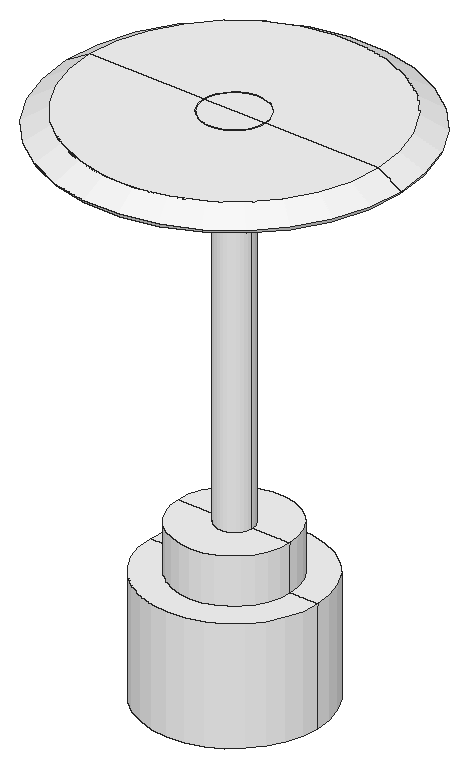
Revit family "Plumbing Fixture-FloorDrain_Mifab_C1440-RD", category Plumbing Fixtures, host Face, Revit 2013
Parameters (values of type "1.5"")
  WFU = 0
  URL = "WWW.MIFAB.COM"
  Top Assembly Height = 3.290"
  Stainer Diameter = 6.000"
  Pipe Radius = Pipe Diameter / 2  # 0.750"
  Pipe Diameter = 1.500"
  Model = "C1440-RD"
  Manufacturer = "MIFAB"
  Keynote = ""
  Floor Drain Material = Paint - Sherwin Williams Paint - #952C2A - Bellwood Red
  Description = "EXPANDABLE LINE CLEANOUT WITH ROUND, STAINLESS STEEL SMOOTH\r\nACCESS COVER"
  Default Elevation = 0.000"
  Stainer Radius = Stainer Diameter / 2  # 3.000"
  Body Height = 1.400"
Types (5): name | Stainer Diameter | Pipe Radius | Pipe Diameter | Stainer Radius
  (no name) | 6.000" | 0.750" | 1.500" | 3.000"
  3" | 10.000" | 1.500" | 3.000" | 5.000"
  2" | 8.000" | 1.000" | 2.000" | 4.000"
  4" | 12.000" | 2.000" | 4.000" | 6.000"
  1.5" | 6.000" | 0.750" | 1.500" | 3.000"
Reference planes (in)
  plane 1 "Center (Front/Back)": y = 0
  plane 2: z = 0
  plane 3 "Center (Left/Right)": x = 0
  plane 4: z = -4.69
  plane 5: x = -0.75
  plane 6: x = 0.75
  plane 7: z = -3.29
  plane 8: x = -1.5
  plane 9: x = 1.5
Forms (in)
  Revolve 1, solid, material "Paint - Sherwin Williams Paint - #952C2A - Bellwood Red" <- "Floor Drain Material"
    sketch origin (0, 0, 0) x (1, 0, 0) y (0, 0, 1)
      loop
        line (-0.155, -3.29) -> (-0.5, -3.29) -> (-0.5, -3.69) -> (-0.75, -3.69) -> (-0.75, -4.69) -> (-0.45, -4.69) -> (-0.45, -3.84) -> (-0.155, -3.84) -> (-0.155, -3.29)
      axis (0, -4.69) -> (0, -3.29)
    angle from 0 to 360
  Revolve 2, solid, material "Paint - Sherwin Williams Paint - #952C2A - Bellwood Red" <- "Floor Drain Material"
    sketch origin (0, 0, 0) x (1, 0, 0) y (0, 0, 1)
      loop
        line (0.155, -3.49212) -> (0.155, -0.14166) -> (0.27429, 0) -> (0, 0) -> (0, -3.49212) -> (0.155, -3.49212)
      axis (0, 0) -> (0, -3.49212)
    angle from 0 to 360
  Revolve 3, solid, material "Paint - Sherwin Williams Paint - #952C2A - Bellwood Red" <- "Floor Drain Material"
    sketch origin (0, 0, 0) x (1, 0, 0) y (0, 0, 1)
      loop
        line (-0.27429, 0) -> (-1.29659, 0) -> (-1.5, -0.11744) -> (-1.48437, -0.1445) -> (-1.28822, -0.03125) -> (-0.28883, -0.03125) -> (-0.17718, -0.16384) -> (-0.155, -0.14166) -> (-0.27429, 0)
      axis (0, 0) -> (0, -0.16384)
    angle from 0 to 360
Lines and regions (in)
  symbolic lines
    curve 1: circle (0, 0, 0) r 3.176 normal (0, 0, 1)
  symbolic lines, style "PlumbingFixtures"
    curve 2: circle (0, 0, 0) r 1.00382 normal (0, 0, 1)
Dimensions and locks (in)
  "Body Height": plane 7 to plane 4
  equal spacing: plane 6, plane 3 "Center (Left/Right)", plane 5
  "Pipe Diameter": plane 6 to plane 5
  "Top Assembly Height": host face to plane 7
  locked: Revolve 1 sketch curve to Revolve 1 sketch curve at 0.3
  locked: Revolve 1 sketch curve to Revolve 1 sketch curve at 0.55
  locked: Revolve 1 sketch curve to Revolve 1 sketch curve at 0.15
  locked: Revolve 1 sketch curve to Revolve 1 sketch curve at 0.5
  host face to Revolve 2 sketch curve = 3.49212"
  Revolve 1 sketch curve to Revolve 1 sketch curve = 0.155"
  locked: Revolve 3 sketch curve to Revolve 3 sketch curve at 0.03125
  locked: Revolve 3 sketch curve to Revolve 3 sketch curve at 0.155
  equal spacing: plane 8, plane 3 "Center (Left/Right)", plane 9
  "Stainer Radius": plane 8 to plane 9
  locked: curve 1 to curve 1 (radius 3.176")
  aligned and locked: plane 2 to host face
  aligned and locked: level to host face
  aligned and locked: plane 1 "Center (Front/Back)" to curve 1
  aligned and locked: plane 3 "Center (Left/Right)" to curve 1
  aligned and locked: Revolve 1 to plane 7
  aligned and locked: Revolve 1 sketch curve to plane 5
  aligned and locked: Revolve 1 sketch curve to plane 4
  aligned and locked: plane 7 to Revolve 1 sketch curve
  aligned and locked: plane 3 "Center (Left/Right)" to Revolve 1 sketch curve
  aligned and locked: Revolve 2 sketch curve to plane 3 "Center (Left/Right)"  (x2)
  aligned and locked: Revolve 3 sketch curve to plane 3 "Center (Left/Right)"
  aligned and locked: plane 8 to Revolve 3
  aligned and locked: plane 9 to Revolve 3
  aligned and locked: plane 8 to Revolve 3 sketch curve
Automatic sketch dimensions
  host sketch curve to host sketch curve = 96.000"  (x2)
  curve 1 to curve 2 = 0.000"  (x2)
  plane 1 "Center (Front/Back)" to curve 2 = 0.000"
  curve 2 to plane 3 "Center (Left/Right)" = 0.000"
  plane 3 "Center (Left/Right)" to Revolve 2 sketch curve = 0.155"
  Revolve 2 sketch curve to Revolve 2 sketch curve = 0.11929"
  Revolve 2 sketch curve to level = 0.14166"
  Revolve 2 sketch curve to Revolve 2 sketch curve = 0.14166"
  Revolve 2 sketch curve to Revolve 2 sketch curve = 0.19788"
  Revolve 2 sketch curve to Revolve 2 sketch curve = 0.88568"
  Revolve 1 sketch curve to plane 4 = 2.400"
  plane 7 to Revolve 1 sketch curve = 1.100"
  Revolve 3 sketch curve to level = 0.000"
  Revolve 3 sketch curve to level = 0.16384"
  Revolve 3 sketch curve to level = 0.1445"
  Revolve 3 sketch curve to Revolve 3 sketch curve = 0.01562"
  Revolve 3 sketch curve to level = 0.03125"
  Revolve 3 sketch curve to Revolve 3 sketch curve = 0.01454"
  Revolve 3 sketch curve to Revolve 3 sketch curve = 0.11165"
  Revolve 3 sketch curve to Revolve 3 sketch curve = 0.02218"  (x2)
  Revolve 3 sketch curve to plane 7 = 0.211"
  level to Revolve 3 sketch curve = 0.66397"
  radius of curve 2 = 1.00382"
Connectors (in)
  piping at (0, 0, -4.69), driven by "Pipe Radius"
    settings: on Revolve 1, index 1, connector radius 3/4", flow factor 0, pipe flow 0 GPM, pressure drop 0.00 psi, fitting loss kfactor 0, connector angle 0.00°, fixture units 0, engagement length 0.000", flow configuration 0, flow direction 0, fitting loss method 0, system type 7, joint type 0, gender type 0, connector reference index -1, connector utility 0, adjustable connector no, is connector primary yes, fitting loss table "", connector description ""
